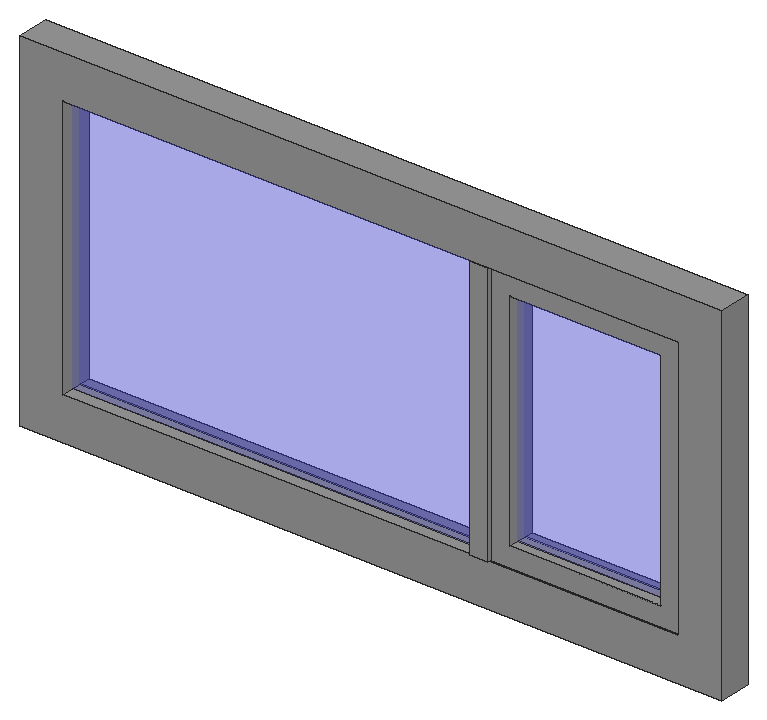
Revit family "Family19", category Windows, host Wall, Revit 2018
Family settings
  Host = Wall
  OmniClass Number = 23.30.20.00
  OmniClass Title = Windows
  Always vertical = Yes
  Cut with Voids When Loaded = No
  Shared = No
  Room Calculation Point = No
Parameters
  Window Frame = White
  Visual Light Transmittance = 0.81
  URL = "www.skywardwindows.co.za"
  Thermal Resistance (R) = 0.3196 (m²·K)/W
  Telephone = "021 276 1800"
  Solar Heat Gain Coefficient = 0.76
  Manufacturer = "Skyward Windows"
  Height = 890 mm
  Heat Transfer Coefficient (U) = 3.1292 W/(m²·K)
  Glass Thickness = 4 mm
  Glass = Glass
  Frame Width = 46.195 mm
  Email Address = "info@skywardwindows.co.za"
  Default Sill Height = 800 mm
  Wall Closure = By host
  Width = 1790 mm
  Company Address = "Charles Matthews Street Atlantis 7349"
  Analytic Construction = "Double glazing - domestic"
Reference planes
  plane 1 "Center (Front/Back)": y = 0
  plane 2 "Center (Left/Right)": x = 0
  plane 3 "Left": x = -895
  plane 4 "Right": x = 895
  plane 5 "Sill": z = 800
  plane 6 "Head": z = 1690
  plane 7 "Exterior": y = 100
  plane 8 "Interior": y = -100
Forms (mm)
  Extrusion 1, solid, material "White" <- "Window Frame"
    sketch origin (0, -100, 0) x (1, 0, 0) y (0, 0, 1)
      loop
        line (-895, 1690) -> (-895, 800) -> (895, 800) -> (895, 1690) -> (-895, 1690)
      loop
        line (-786, 909) -> (786, 909) -> (786, 1581) -> (-786, 1581) -> (-786, 909)
    from -142 to -58
  Extrusion 2, solid, material "White" <- "Window Frame"
    sketch origin (0, -100, 0) x (1, 0, 0) y (0, 0, 1)
      loop
        line (302.867, 1581) -> (302.867, 909) -> (786, 909) -> (786, 1581) -> (302.867, 1581)
      loop
        line (350, 1531) -> (350, 959) -> (736, 959) -> (736, 1531) -> (350, 1531)
    from -134.904 to -64.489
  Extrusion 3, solid, material "White" <- "Window Frame"
    sketch origin (0, -100, 0) x (1, 0, 0) y (0, 0, 1)
      loop
        line (300, 1581) -> (253.805, 1581) -> (253.805, 909) -> (300, 909) -> (300, 1581)
    from -142 to -58
  Extrusion 4, solid, material "Glass" <- "Glass"
    sketch origin (0, 0, 0) x (1, 0, 0) y (0, 1, 0)
      loop
        line (-786, 14) -> (-786, 10) -> (253.805, 10) -> (253.805, 14) -> (-786, 14)
      loop
        line (253.805, -14) -> (253.805, -10) -> (-786, -10) -> (-786, -14) -> (253.805, -14)
    from 909 to 1581
  Extrusion 5, solid, material "Glass" <- "Glass"
    sketch origin (0, 0, 0) x (1, 0, 0) y (0, 1, 0)
      loop
        line (350, 14) -> (350, 10) -> (736, 10) -> (736, 14) -> (350, 14)
      loop
        line (736, -14) -> (736, -10) -> (350, -10) -> (350, -14) -> (736, -14)
    from 959 to 1531
Lines and regions (mm)
  Opening 1
    outline origin (3500, -100, 0) x (1, 0, 0) y (0, 0, 1)
      loop
        line (-2605, 800) -> (-2605, 1690) -> (-4395, 1690) -> (-4395, 800) -> (-2605, 800)
Text (mm)
  text "EXTERIOR" at (-1963.203, 1332.353, 0), in view "Ref. Level"
  text "INTERIOR" at (-1981.466, -818.386, 0), in view "Ref. Level"
  text "Exterior" at (0, 923.751, 2943.296), in view "Right"
  text "Exterior" at (0, 1040.484, 2685.409), in view "Left"
Dimensions and locks
  equal spacing: plane 3 "Left", plane 2 "Center (Left/Right)", plane 4 "Right"
  "Width": plane 3 "Left" to plane 4 "Right"
  "Height": plane 5 "Sill" to plane 6 "Head"
  "Default Sill Height": plane 5 "Sill" to level
  locked: plane 7 "Exterior" to host wall at 0
  locked: plane 8 "Interior" to host wall
  "Glass Thickness": Extrusion 4 to Extrusion 4
  "Glass Thickness": Extrusion 5 to Extrusion 5
  aligned and locked: Extrusion 1 sketch curve to host wall  (x4)
Automatic sketch dimensions
  Opening 1 sketch curve to plane 3 "Left" = 0 mm
  Opening 1 sketch curve to plane 4 "Right" = 0 mm
  Opening 1 sketch curve to plane 5 "Sill" = 0 mm
  Opening 1 sketch curve to plane 6 "Head" = 0 mm
  Extrusion 1 sketch curve to plane 3 "Left" = 109 mm
  plane 4 "Right" to Extrusion 1 sketch curve = 109 mm
  Extrusion 1 sketch curve to plane 5 "Sill" = 109 mm
  plane 6 "Head" to Extrusion 1 sketch curve = 109 mm
  Extrusion 2 sketch curve to plane 5 "Sill" = 109 mm
  Extrusion 2 sketch curve to plane 2 "Center (Left/Right)" = 302.867 mm
  Extrusion 2 sketch curve to Extrusion 2 sketch curve = 47.133 mm
  plane 4 "Right" to Extrusion 2 sketch curve = 159 mm
  Extrusion 2 sketch curve to Extrusion 2 sketch curve = 50 mm  (x3)
  plane 6 "Head" to Extrusion 2 sketch curve = 159 mm
  Extrusion 3 sketch curve to Extrusion 3 sketch curve = 46.195 mm
  Extrusion 3 sketch curve to plane 5 "Sill" = 109 mm
  plane 6 "Head" to Extrusion 3 sketch curve = 109 mm
  Extrusion 3 sketch curve to plane 2 "Center (Left/Right)" = 253.805 mm
  Extrusion 4 sketch curve to host wall = 14 mm
  Extrusion 4 sketch curve to plane 3 "Left" = 109 mm
  Extrusion 4 sketch curve to Extrusion 4 sketch curve = 0 mm  (x2)
  Extrusion 4 sketch curve to plane 2 "Center (Left/Right)" = 253.805 mm
  host wall to Extrusion 4 sketch curve = 10 mm
  Extrusion 4 sketch curve to Extrusion 4 sketch curve = 4 mm  (x2)
  Extrusion 5 sketch curve to host wall = 14 mm
  Extrusion 5 sketch curve to plane 2 "Center (Left/Right)" = 350 mm
  Extrusion 5 sketch curve to Extrusion 5 sketch curve = 0 mm  (x2)
  plane 4 "Right" to Extrusion 5 sketch curve = 159 mm
  host wall to Extrusion 5 sketch curve = 10 mm
  Extrusion 5 sketch curve to Extrusion 5 sketch curve = 4 mm  (x2)
